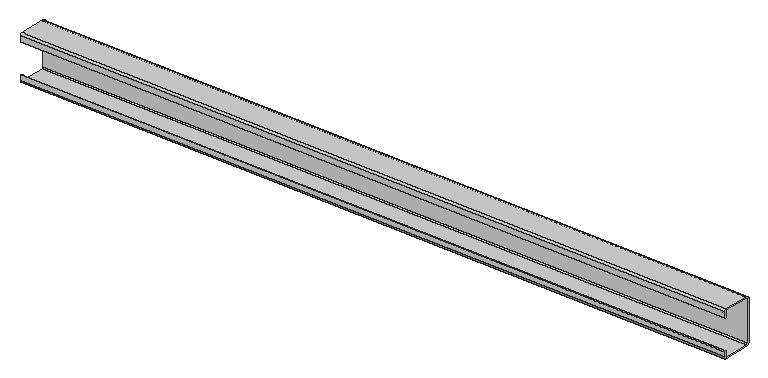
Revit family "Costanera", category Armazón estructural, Revit 2023
Family settings
  Redondeo de longitud de armazón estructural = 0' - 0"
  Forma de sección = Sin definir
  Material para comportamiento de modelo = Acero
  Exportar siempre como geometría = No
  Número OmniClass = 23.25.30.11.14.14
  Título OmniClass = Beams
  Siempre vertical = Sí
  Corte con vacíos al cargar = No
  Representación simbólica = Desde configuración de proyecto
  Compartido = No
  Mostrar corte previo de familia en vistas de plano = Sí
Parameters
  t1 = 0' - 0.05906"
  t = 33
  d = 0' - 0.47244"
  W = 0
  Structural Material [instance] = Metal - Light Gauge
  B = 0' - 2"
  Código de montaje = "B10"
  Length [instance] = 5' - 0"
  D = 0' - 3"
  A = 0.00 in²
Reference planes (in)
  plane 1 "Center (Front/Back)": y = 0
  plane 2: z = 0
  plane 3 "Center (Left/Right)": x = 0.0003
  plane 4 "Member Left": x = -23.8185
  plane 5 "Member Right": x = 24.1815
  plane 6 "Top": z = 1.5
  plane 7: z = -1.5
  plane 8 "Left": x = -29.8185
  plane 9 "Right": x = 30.1815
  plane 10: y = -2
  plane 11: z = -1.02756
  plane 12: z = 1.02756
Forms (in)
  Sweep 1, solid, material "Metal - Light Gauge" <- "Structural Material", detail levels medium
    path origin (0, 0, 0) x (1, 0, 0) y (0, 1, 0)
      loop
        line (24.1815, 0) -> (-23.8185, 0)
    profile origin (0.1815, 0, 0) x (0, -1, 0) y (0, 0, 1)
      loop
        line (0, 1.5) -> (0, -1.5) -> (2, -1.5) -> (2, -1.02756) -> (1.94094, -1.02756) -> (1.94094, -1.44094) -> (0.05906, -1.44094) -> (0.05906, 1.44094) -> (1.94094, 1.44094) -> (1.94094, 1.02756) -> (2, 1.02756) -> (2, 1.5) -> (0, 1.5)
  Sweep 2, solid, material "Metal - Light Gauge" <- "Structural Material", detail levels fine
    path origin (0, 0.00061, 0) x (1, 0, 0) y (0, 1, 0)
      loop
        line (24.1815, -0.00061) -> (-23.8185, -0.00061)
    profile origin (0.1815, 0, 0) x (0, -1, 0) y (0, 0, 1)
      loop
        line (0, 1.37911) -> (0, -1.37911)
        arc (0, -1.37911) -> (0.03541, -1.46459) -> (0.12089, -1.5) r 0.12089
        line (0.12089, -1.5) -> (1.87911, -1.5)
        arc (1.87911, -1.5) -> (1.96459, -1.46459) -> (2, -1.37911) r 0.12089
        line (2, -1.37911) -> (2, -1.02756) -> (1.94094, -1.02756) -> (1.94094, -1.37911)
        arc (1.94094, -1.37911) -> (1.92283, -1.42283) -> (1.87911, -1.44094) r 0.06184
        line (1.87911, -1.44094) -> (0.12089, -1.44094)
        arc (0.12089, -1.44094) -> (0.07717, -1.42283) -> (0.05906, -1.37911) r 0.06184
        line (0.05906, -1.37911) -> (0.05906, 1.37911)
        arc (0.05906, 1.37911) -> (0.07717, 1.42283) -> (0.12089, 1.44094) r 0.06184
        line (0.12089, 1.44094) -> (1.87911, 1.44094)
        arc (1.87911, 1.44094) -> (1.92283, 1.42283) -> (1.94094, 1.37911) r 0.06184
        line (1.94094, 1.37911) -> (1.94094, 1.02756) -> (2, 1.02756) -> (2, 1.37911)
        arc (2, 1.37911) -> (1.96459, 1.46459) -> (1.87911, 1.5) r 0.12089
        line (1.87911, 1.5) -> (0.12089, 1.5)
        arc (0.12089, 1.5) -> (0.03541, 1.46459) -> (0, 1.37911) r 0.12089
Lines and regions (in)
  symbolic lines, style "Hidden Faces", detail levels medium+fine
    curve 1: line (-23.8185, -0.05906, 0) -> (24.1815, -0.05906, 0)
    curve 2: line (-23.8185, 0.1875, 1.44094) -> (24.1815, 0.1875, 1.44094)
    curve 3: line (-23.8185, 0.1875, -1.44094) -> (24.1815, 0.1875, -1.44094)
    curve 9: line (-23.8185, -1.94094, 0) -> (24.1815, -1.94094, 0)
    curve 10: line (24.1815, 0, 1.02756) -> (-23.8185, 0, 1.02756)
    curve 11: line (24.1815, 0, -1.02756) -> (-23.8185, 0, -1.02756)
  symbolic lines, style "Stick Symbols", detail levels coarse
    curve 4: line (-29.8185, -2, 1.02756) -> (-29.8185, -2, 1.5)
    curve 5: line (-29.8185, -2, 1.5) -> (-29.8185, 0, 1.5)
    curve 6: line (-29.8185, 0, 1.5) -> (-29.8185, 0, -1.5)
    curve 7: line (-29.8185, 0, -1.5) -> (-29.8185, -2, -1.5)
    curve 8: line (-29.8185, -2, -1.5) -> (-29.8185, -2, -1.02756)
  symbolic lines, detail levels coarse
    curve 12: line (-29.8185, -1, 1.44094) -> (-29.8185, -1, -1.44094)
Dimensions and locks (in)
  "D": plane 7 to plane 6 "Top"
  equal spacing: plane 7, plane 2, plane 6 "Top"
  "Length": plane 8 "Left" to plane 9 "Right"
  "B": plane 1 "Center (Front/Back)" to plane 10
  "d": plane 7 to plane 11
  "d": plane 12 to plane 6 "Top"
  "t1": plane 6 "Top" to Sweep 1 sketch curve
  "t1": Sweep 1 sketch curve to plane 10  (x2)
  "t1": plane 7 to Sweep 1 sketch curve
  "t1": plane 1 "Center (Front/Back)" to Sweep 1 sketch curve
  "t1": Sweep 2 sketch curve to Sweep 2 sketch curve  (x5)
  "t1": curve 1 to plane 1 "Center (Front/Back)"
  "t1": plane 10 to curve 9
  "t1": curve 2 to Sweep 1
  "t1": curve 3 to Sweep 1
  aligned and locked: Sweep 1 sketch curve to plane 1 "Center (Front/Back)"  (x2)
  aligned and locked: Sweep 1 sketch curve to plane 12
  aligned and locked: Sweep 1 sketch curve to plane 10
  aligned and locked: Sweep 1 sketch curve to plane 6 "Top"
  aligned and locked: plane 7 to Sweep 1 sketch curve
  aligned and locked: plane 10 to Sweep 1 sketch curve
  aligned and locked: plane 11 to Sweep 1 sketch curve
  aligned and locked: plane 10 to Sweep 1  (x2)
  aligned and locked: plane 7 to Sweep 1
  aligned and locked: Sweep 1 to plane 1 "Center (Front/Back)"
  aligned and locked: Sweep 1 to plane 6 "Top"
  aligned and locked: plane 10 to curve 4
  aligned and locked: plane 12 to Sweep 1
  aligned and locked: plane 11 to Sweep 1
  aligned and locked: Sweep 2 to plane 1 "Center (Front/Back)"
  aligned and locked: Sweep 2 to plane 6 "Top"
  aligned and locked: Sweep 2 sketch curve to Sweep 1
  aligned and locked: Sweep 2 sketch curve to plane 10
  aligned and locked: Sweep 2 sketch curve to plane 12
  aligned and locked: plane 11 to Sweep 2 sketch curve
  aligned and locked: Sweep 2 sketch curve to plane 1 "Center (Front/Back)"
  aligned and locked: Sweep 2 sketch curve to plane 6 "Top"
  aligned and locked: plane 10 to Sweep 2 sketch curve
  aligned and locked: plane 7 to Sweep 2 sketch curve
  aligned and locked: Sweep 2 to curve 11
  aligned and locked: plane 11 to Sweep 2
  aligned and locked: plane 12 to Sweep 2
  aligned and locked: Sweep 1 to Sweep 2  (x2)
  aligned and locked: curve 10 to Sweep 2
  aligned and locked: plane 4 "Member Left" to Sweep 2 sketch curve
  aligned and locked: plane 5 "Member Right" to Sweep 2 sketch curve
  aligned and locked: plane 5 "Member Right" to Sweep 1 sketch curve
  aligned and locked: plane 4 "Member Left" to Sweep 1 sketch curve
  aligned and locked: plane 4 "Member Left" to curve 1
  aligned and locked: plane 4 "Member Left" to curve 9
  aligned and locked: plane 5 "Member Right" to curve 1
  aligned and locked: plane 5 "Member Right" to curve 9
  aligned and locked: plane 4 "Member Left" to curve 2
  aligned and locked: plane 4 "Member Left" to curve 10
  aligned and locked: plane 4 "Member Left" to curve 3
  aligned and locked: plane 5 "Member Right" to curve 2
  aligned and locked: plane 5 "Member Right" to curve 10
  aligned and locked: plane 5 "Member Right" to curve 11
  aligned and locked: plane 5 "Member Right" to curve 3
Automatic sketch dimensions
  Sweep 2 sketch curve to Sweep 2 sketch curve = 0' - 0"  (x4)
  Sweep 2 sketch curve to Sweep 2 sketch curve = 0' - 0.06184"  (x4)
  curve 11 to plane 11 = 0' - 0"
  curve 6 to plane 1 "Center (Front/Back)" = 0' - 0"
  plane 7 to curve 7 = 0' - 0"
  curve 7 to plane 10 = 0' - 0"
  curve 8 to plane 11 = 0' - 0"
  plane 12 to curve 4 = 0' - 0"
  plane 6 "Top" to curve 4 = 0' - 0"
  curve 12 to plane 7 = 0' - 0.05906"
  plane 1 "Center (Front/Back)" to curve 12 = 0' - 1"
  plane 6 "Top" to curve 12 = 0' - 0.05906"
